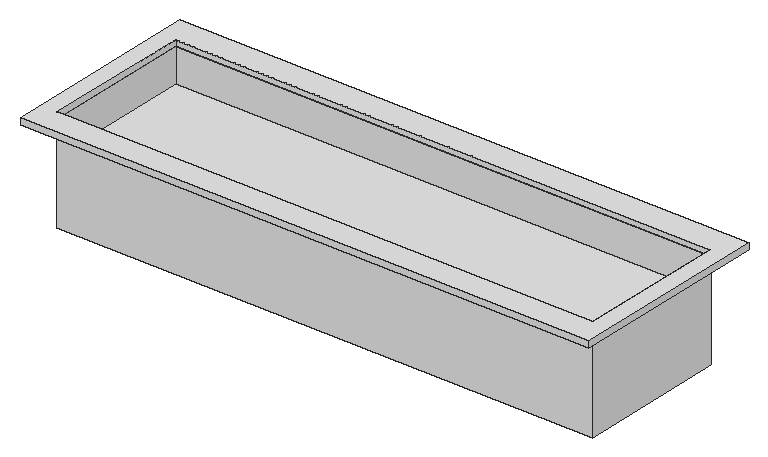
Revit family "6L-R-D", category Lighting Fixtures, host Face, Revit 2013
Parameters (values of type "6L-R-D")
  Watts = 5 W
  Wattage = 20 W
  built-in parameter 1150110 = 1 (stored number, unit not read)
  Voltage = 120 V
  built-in parameter 1114217 = 1 (stored number, unit not read)
  Tilt Angle = -90.00°  # constant formula
  built-in parameter 1150109 = 1 (stored number, unit not read)
  built-in parameter 1150134 = 12
  built-in parameter 1150113 = 1 (stored number, unit not read)
  Power factor = 1
  Photometric Web File = "generic"
  built-in parameter 1150142 = (empty or 0)
  Emit from Rectangle Width = 6.500"  # constant formula
  Emit from Rectangle Length = Length - 2.000"  # 22.000"
  Emit Shape Visible in Rendering = no
  Circuiting = "1 Circuit"  # constant formula
  zzLength1 = 8.438"
  Distribution = "Direct"  # constant formula
  built-in parameter 1150105 = 188.25 (stored number, unit not read)
  Lumens = 2365.6 lm
  built-in parameter 1150115 = 1 (stored number, unit not read)
  Load Classification = Lighting
  built-in parameter 1150137 = (empty or 0)
  built-in parameter 1150139 = (empty or 0)
  Length = 24.000"
  Wattage Comments = "5-10W"
  URL = "http://www.litecontrol.com/"
  Product Page URL = "http://www.litecontrol.com/products/mod_6_led_recessed_slot"
  Product Documentation Link = "http://cdn.litecontrol.com/content/products/specs/specs_files/6L-R-D.pdf"
  Model = "6L-R-D"  # constant formula
  Manufacturer Phone = "781-294-0100"  # constant formula
  Manufacturer Fax = "781-293-2849"  # constant formula
  Manufacturer = "Litecontrol Lighting"  # constant formula
  built-in parameter 1150112 = 1 (stored number, unit not read)
  built-in parameter 1150114 = 1 (stored number, unit not read)
  Lamp = "LED Lamp"  # constant formula
  Opal lens = Hubbell - Glass
  built-in parameter 1150132 = 1
  built-in parameter 1150102 = (empty or 0)
  built-in parameter 1150107 = 4000 (stored number, unit not read)
  built-in parameter 1150138 = (empty or 0)
  built-in parameter 1150106 = 1.8825 (stored number, unit not read)
  built-in parameter 1150104 = 10.989 (stored number, unit not read)
  Dimming Lamp Color Temperature Shift = <None>
  Description = "MOD 6 LED Recessed Slot"  # constant formula
  Default Elevation = 48.000"
  Color Filter = 16777215
  built-in parameter 1114218 = 1 (stored number, unit not read)
  Material Finish = Hubbell - Paint - Matte White
  Dimming = "D10"  # constant formula
  built-in parameter 1150133 = 10 (stored number, unit not read)
  Apparent Load = 0 VA
Reference planes (in)
  plane 1 "Center (Front/Back)": y = 13.01342
  plane 2: z = 0
  plane 3 "Center (Left/Right)": x = 0
  plane 4: x = -12
  plane 5: x = 12
  plane 6: x = -4.219
  plane 7: x = 4.219
  plane 8: z = -4.125
Forms (in)
  Extrusion 1, void
    sketch origin (0, 0, 0) x (1, 0, 0) y (0, 1, 0)
      loop
        line (-11.3173, 16.13242) -> (-11.3173, 9.89442) -> (11.313, 9.89442) -> (11.313, 16.13242) -> (-11.3173, 16.13242)
    from 0 to -4.125
Dimensions and locks (in)
  equal spacing: plane 5, plane 3 "Center (Left/Right)", plane 4
  "Length": plane 5 to plane 4
  equal spacing: plane 7, plane 3 "Center (Left/Right)", plane 6
  "zzLength1": plane 7 to plane 6
  locked: plane 2 to plane 8 at 4.125
  aligned and locked: plane 2 to host face
  aligned and locked: level to host face
  aligned and locked: nested 1 to plane 3 "Center (Left/Right)"
  aligned and locked: plane 3 "Center (Left/Right)" to imposter light
  aligned and locked: nested 1 to plane 1 "Center (Front/Back)"
  aligned and locked: plane 2 to imposter light
  aligned and locked: nested 1 to Extrusion 1 sketch curve  (x3)
  aligned and locked: Extrusion 1 sketch curve to nested 1
  aligned and locked: Extrusion 1 to plane 8
Automatic sketch dimensions
  host sketch curve to host sketch curve = 96.000"  (x2)
Nested families (in)
  nested 1: "6L-R-D" at (0, 27.08934, -4.125) x (-1, 0, 0) z (0, 0, 1), Opal lens <- "Opal lens", Ballast <- "Material Finish", type "Model"
    with Opal lens Hubbell - Glass, Ballast Hubbell - Paint - Matte White
Connectors (in)
  electrical at (-0.00215, 13.01342, -4.125), driven by "Load Classification", driven by "Voltage", driven by "Apparent Load"
    settings: on nested 1, index 1, voltage 120 V, apparent load 0 VA, apparent load phase1 0 VA, apparent load phase2 0 VA, apparent load phase3 0 VA, power factor 1, load classification "Lighting", number of poles 1, system type 30, power factor state 1, is connector primary yes, connector utility no, sub classification motor no, connector description "Lighting Connector"
Definition of nested family "6L-R-D"
  Parameters (values of type "Model")
    Width = 8.438"
    Wattage Comments = ""
    Length = 24.000"
    URL = ""
    Product Page URL = ""
    Product Documentation Link = ""
    Model = ""
    Manufacturer Phone = ""
    Manufacturer Fax = ""
    Manufacturer = ""
    Opal lens [instance] = Hubbell - Glass
    Lamp = ""
    Description = ""  # constant formula
    Default Elevation = 48.000"
    Ballast [instance] = Hubbell - Paint - Matte White
  Reference planes (in)
    plane 1 "Center (Front/Back)": y = 14.07592
    plane 2: z = 0
    plane 3 "Center (Left/Right)": x = 0
    plane 4: x = 12
    plane 5: x = -12
    plane 6: x = -11.313
    plane 7: x = 11.3173
    plane 8: y = 18.29492
    plane 9: y = 9.85692
    plane 10: z = 2.75
    plane 11: y = 17.19492
    plane 12: y = 10.95692
    plane 13: z = 4.375
    plane 14: x = -11.253
    plane 15: x = 11.2573
    plane 16: y = 17.13492
    plane 17: y = 11.01692
  Forms (in)
    Extrusion 1, solid
      sketch origin (0, 12.79105, 0) x (1, 0, 0) y (0, 1, 0)
        loop
          line (-48, 48) -> (-48, -48) -> (48, -48) -> (48, 48) -> (-48, 48)
      from 0 to -6
    Extrusion 2, solid, material "Hubbell - Glass" <- "Opal lens"
      sketch origin (0, 0, 0) x (1, 0, 0) y (0, 1, 0)
        loop
          line (-11.313, 17.19492) -> (-11.313, 10.95692) -> (11.3173, 10.95692) -> (11.3173, 17.19492) -> (-11.313, 17.19492)
      from 4.12511 to 4.375
    Extrusion 3, solid, material "Hubbell - Paint - Matte White" <- "Ballast"
      sketch origin (0, 0, 0) x (1, 0, 0) y (0, 1, 0)
        loop
          line (-12, 18.29492) -> (-12, 9.85692) -> (12, 9.85692) -> (12, 18.29492) -> (-12, 18.29492)
        loop
          line (11.3173, 17.19492) -> (-11.313, 17.19492) -> (-11.313, 10.95692) -> (11.3173, 10.95692) -> (11.3173, 17.19492)
      from 4.12511 to 4.375
    Extrusion 4, solid, material "Hubbell - Paint - Matte White" <- "Ballast"
      sketch origin (0, 0, 0) x (1, 0, 0) y (0, 1, 0)
        loop
          line (-11.313, 17.19492) -> (-11.313, 10.95692) -> (11.3173, 10.95692) -> (11.3173, 17.19492) -> (-11.313, 17.19492)
      from 0 to 4.12511
    Extrusion 5, void
      sketch origin (0, 0, 0) x (1, 0, 0) y (0, 1, 0)
        loop
          line (-11.253, 17.13492) -> (-11.253, 11.01692) -> (11.2573, 11.01692) -> (11.2573, 17.13492) -> (-11.253, 17.13492)
      from 2.75 to 4.12511
  Cuts and joins
    Extrusion 5 cuts Extrusion 2
    Extrusion 5 cuts Extrusion 3
    Extrusion 5 cuts Extrusion 4
  Dimensions and locks (in)
    "Length": plane 5 to plane 4
    equal spacing: plane 5, plane 3 "Center (Left/Right)", plane 4
    plane 10 to Extrusion 1 = 2.750"
    plane 1 "Center (Front/Back)" to plane 8 = 4.219"
    locked: plane 8 to plane 11 at 1.1
    locked: plane 12 to plane 9 at 1.1
    locked: plane 5 to plane 6 at 0.687
    locked: plane 7 to plane 4 at 0.6827
    plane 13 to plane 2 = 4.375"
    locked: plane 6 to plane 14 at 0.06
    locked: plane 11 to plane 16 at 0.06
    locked: plane 12 to plane 17 at 0.06
    locked: plane 15 to plane 7 at 0.06
    "Width": plane 8 to plane 9
    equal spacing: plane 8, plane 1 "Center (Front/Back)", plane 9
    aligned and locked: plane 2 to Extrusion 1
    aligned and locked: level to Extrusion 1
    aligned and locked: plane 11 to Extrusion 3 sketch curve
    aligned and locked: Extrusion 3 sketch curve to plane 12
    aligned and locked: Extrusion 2 sketch curve to plane 11
    aligned and locked: plane 12 to Extrusion 2 sketch curve
    aligned and locked: plane 4 to Extrusion 3
    aligned and locked: Extrusion 4 sketch curve to Extrusion 2  (x4)
  Automatic sketch dimensions
    Extrusion 1 sketch curve to Extrusion 1 sketch curve = 96.000"  (x2)
    plane 6 to Extrusion 3 sketch curve = 0.000"
    plane 7 to Extrusion 3 sketch curve = 0.000"
    Extrusion 3 sketch curve to plane 7 = 0.6827"
    Extrusion 3 sketch curve to plane 9 = 0.000"
    Extrusion 3 sketch curve to plane 6 = 0.687"
    Extrusion 3 sketch curve to plane 8 = 0.000"
    Extrusion 2 sketch curve to plane 6 = 0.000"
    Extrusion 2 sketch curve to plane 7 = 0.000"
    Extrusion 5 sketch curve to plane 14 = 0.000"
    Extrusion 5 sketch curve to plane 15 = 0.000"
    plane 17 to Extrusion 5 sketch curve = 0.000"
    Extrusion 5 sketch curve to plane 16 = 0.000"
